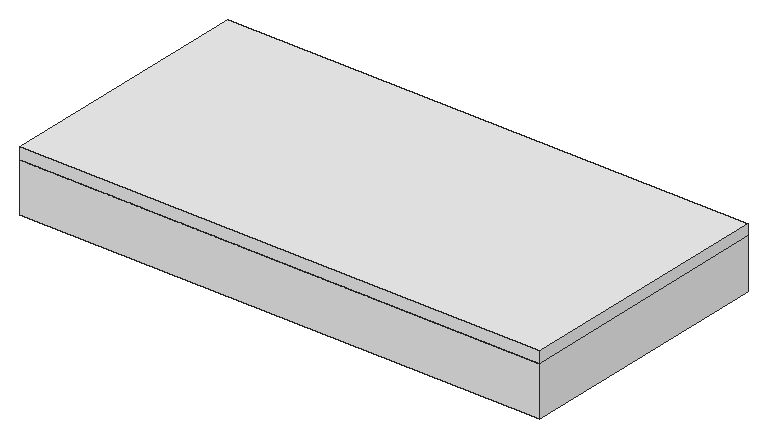
Revit family
Parameters (values of type "0600 x 1200mm (2 Lamps)")
  Wattage = 16.1571 W
  built-in parameter 1150110 = 1 (stored number, unit not read)
  built-in parameter 1114217 = 1 (stored number, unit not read)
  built-in parameter 1150109 = 1 (stored number, unit not read)
  built-in parameter 1150134 = 3
  built-in parameter 1150113 = 1 (stored number, unit not read)
  built-in parameter 1150105 = 190.99 (stored number, unit not read)
  built-in parameter 1150115 = 1 (stored number, unit not read)
  Light Source Symbol Size = 609.6 mm
  built-in parameter 1150137 = (empty or 0)
  built-in parameter 1150139 = (empty or 0)
  built-in parameter 1150112 = 1 (stored number, unit not read)
  built-in parameter 1150114 = 1 (stored number, unit not read)
  Keynote = "V"
  built-in parameter 1150132 = 2
  built-in parameter 1150102 = (empty or 0)
  built-in parameter 1150107 = 3200 (stored number, unit not read)
  built-in parameter 1150138 = (empty or 0)
  built-in parameter 1150106 = 1.9099 (stored number, unit not read)
  Emit from Line Length = 1149.2 mm
  built-in parameter 1150104 = 13.8 (stored number, unit not read)
  Dimming Lamp Color Temperature Shift = (empty or 0)
  Color Filter = 16777215
  Circle Diameter = Width * 0.6  # 360 mm
  Material Diffuser = Glass
  Lamp = "T-12"
  Length = 1200 mm
  Material Light Box = Metal - Chrome
  Lumens = 2400 lm
  Wattage Comments = "(2)20"
  Width = 600 mm
  built-in parameter 1114218 = 1 (stored number, unit not read)
  built-in parameter 1150133 = 10 (stored number, unit not read)
Types (6, lengths in mm): name | Wattage | built-in parameter 1150105 | built-in parameter 1150106 | Circle Diameter | Material Diffuser | Length | Lumens | Wattage Comments | Width
  (no name) | 16.1571 W | 190.99 (stored number, unit not read) | 1.9099 (stored number, unit not read) | 360 | Glass | 1200 | 2400 lm | "(2)20" | 600
  0300 x 1200mm (2 Lamp) | 16.1571 W | 190.99 (stored number, unit not read) | 1.9099 (stored number, unit not read) | 180 | none | 1200 | 2400 lm | "(2)20" | 300
  0600 x 0600mm (4 Lamp) | 16.1571 W | 190.99 (stored number, unit not read) | 1.9099 (stored number, unit not read) | 360 | none | 600 | 2400 lm | "(4)20" | 600
  0600 x 1200mm (2 Lamps) | 16.1571 W | 190.99 (stored number, unit not read) | 1.9099 (stored number, unit not read) | 360 | Glass | 1200 | 2400 lm | "(2)20" | 600
  0600 x 1200mm (4 Lamps) | 16.1571 W | 190.99 (stored number, unit not read) | 1.9099 (stored number, unit not read) | 360 | none | 1200 | 2400 lm | "(4)20" | 600
  0600 x 0600mm (2 Lamp) | 8.07853 W | 95.493 (stored number, unit not read) | 0.95493 (stored number, unit not read) | 360 | none | 600 | 1200 lm | "(4)20" | 600
Reference planes
  plane 1 "Light Source Axis": y = -59.466
  plane 2 "Ceiling": z = 2438.4
  plane 3 "Light Source Axis": x = -18.704
  plane 4 "Light Source Elevation": z = 2413
  plane 5: x = -618.704
  plane 6: x = 581.296
  plane 7: y = 240.534
  plane 8: y = -359.466
Forms (mm)
  Extrusion 1, solid, material "Metal - Chrome" <- "Material Light Box"
    sketch origin (0, 0, 2438.4) x (1, 0, 0) y (0, 1, 0)
      loop
        line (-618.704, 240.534) -> (-618.704, -359.466) -> (581.296, -359.466) -> (581.296, 240.534) -> (-618.704, 240.534)
      loop
        line (-593.304, 215.134) -> (-593.304, -334.066) -> (555.896, -334.066) -> (555.896, 215.134) -> (-593.304, 215.134)
    from 0 to 114.3
  Extrusion 2, solid, material "Metal - Chrome" <- "Material Light Box"
    sketch origin (0, 0, 2438.4) x (1, 0, 0) y (0, 1, 0)
      loop
        line (-618.704, 240.534) -> (-618.704, -359.466) -> (581.296, -359.466) -> (581.296, 240.534) -> (-618.704, 240.534)
    from 114.3 to 139.7
  Extrusion 3, solid, material "Glass" <- "Material Diffuser"
    sketch origin (0, 0, 2438.4) x (1, 0, 0) y (0, 1, 0)
      loop
        line (-593.304, 215.134) -> (-593.304, -334.066) -> (555.896, -334.066) -> (555.896, 215.134) -> (-593.304, 215.134)
    from 0 to 6.35
Lines and regions (mm)
  Opening 1
    outline origin (0, 0, 2438.4) x (1, 0, 0) y (0, 1, 0)
      loop
        line (-618.704, 240.534) -> (-618.704, -359.466) -> (581.296, -359.466) -> (581.296, 240.534) -> (-618.704, 240.534)
  sketch lines
    curve 1: line (-1542.704, 1464.534, 0) -> (1505.296, 1464.534, 0)
    curve 2: line (-1542.704, 1464.534, 0) -> (-1542.704, -1583.466, 0)
    curve 3: line (-1542.704, -1583.466, 0) -> (1505.296, -1583.466, 0)
    curve 4: line (1505.296, 1464.534, 0) -> (1505.296, -1583.466, 0)
  model lines
    curve 5: line (-618.704, 240.534, 2438.4) -> (581.296, 240.534, 2438.4)
    curve 6: line (-618.704, -359.466, 2438.4) -> (-618.704, 240.534, 2438.4)
    curve 7: line (581.296, -359.466, 2438.4) -> (-618.704, -359.466, 2438.4)
    curve 8: line (581.296, 240.534, 2438.4) -> (581.296, -359.466, 2438.4)
    curve 9: line (-593.304, 215.134, 2438.4) -> (555.896, 215.134, 2438.4)
    curve 10: line (-593.304, -334.066, 2438.4) -> (-593.304, 215.134, 2438.4)
    curve 11: line (555.896, -334.066, 2438.4) -> (-593.304, -334.066, 2438.4)
    curve 12: line (555.896, 215.134, 2438.4) -> (555.896, -334.066, 2438.4)
    curve 13: arc (161.296, -59.466, 2438.4) -> (-18.704, 120.534, 2438.4) -> (-198.704, -59.466, 2438.4) r 180
    curve 14: arc (-198.704, -59.466, 2438.4) -> (-18.704, -239.466, 2438.4) -> (161.296, -59.466, 2438.4) r 180
    curve 15: line (-593.304, 215.134, 2438.4) -> (-181.111, 18.148, 2438.4)
    curve 16: line (-181.111, -137.08, 2438.4) -> (-593.304, -334.066, 2438.4)
    curve 17: line (555.896, 215.134, 2438.4) -> (143.704, 18.148, 2438.4)
    curve 18: line (555.896, -334.066, 2438.4) -> (143.704, -137.08, 2438.4)
Dimensions and locks
  equal spacing: curve 2, plane 3 "Light Source Axis", curve 4
  equal spacing: curve 3, plane 1 "Light Source Axis", curve 1
  curve 2 to curve 4 = 3048 mm
  curve 3 to curve 1 = 3048 mm
  equal spacing: plane 5, plane 3 "Light Source Axis", plane 6
  equal spacing: plane 8, plane 1 "Light Source Axis", plane 7
  "Length": plane 5 to plane 6
  "Width": plane 8 to plane 7
  locked: Extrusion 1 sketch curve to Extrusion 1 sketch curve at 25.4
  "Circle Diameter": curve 14 to curve 14
  locked: curve 12 to plane 6 at 25.4
  locked: plane 5 to curve 10 at 25.4
  locked: curve 9 to plane 7 at 25.4
  locked: plane 8 to curve 11 at 25.4
  aligned and locked: plane 3 "Light Source Axis" to imposter light
  aligned and locked: plane 1 "Light Source Axis" to imposter light
  aligned and locked: plane 4 "Light Source Elevation" to imposter light
Automatic sketch dimensions
  Opening 1 sketch curve to plane 5 = 0 mm
  Opening 1 sketch curve to plane 6 = 0 mm
  Opening 1 sketch curve to plane 8 = 0 mm
  Opening 1 sketch curve to plane 7 = 0 mm
  Extrusion 1 sketch curve to plane 5 = 0 mm
  Extrusion 1 sketch curve to plane 6 = 0 mm
  Extrusion 1 sketch curve to plane 8 = 0 mm
  Extrusion 1 sketch curve to plane 7 = 0 mm
  Extrusion 1 sketch curve to plane 5 = 25.4 mm
  plane 6 to Extrusion 1 sketch curve = 25.4 mm
  Extrusion 1 sketch curve to plane 8 = 25.4 mm
  Extrusion 2 sketch curve to plane 5 = 0 mm
  Extrusion 2 sketch curve to plane 6 = 0 mm
  Extrusion 2 sketch curve to plane 8 = 0 mm
  Extrusion 2 sketch curve to plane 7 = 0 mm
  Extrusion 3 sketch curve to plane 5 = 25.4 mm
  plane 6 to Extrusion 3 sketch curve = 25.4 mm
  Extrusion 3 sketch curve to plane 8 = 25.4 mm
  plane 7 to Extrusion 3 sketch curve = 25.4 mm
  curve 7 to plane 5 = 0 mm
  curve 14 to plane 1 "Light Source Axis" = 0 mm
  curve 13 to plane 3 "Light Source Axis" = 0 mm
  curve 8 to plane 6 = 0 mm
  curve 7 to plane 8 = 0 mm
  curve 8 to plane 7 = 0 mm
  plane 1 "Light Source Axis" to curve 16 = 77.614 mm
  curve 15 to plane 1 "Light Source Axis" = 77.614 mm
  curve 17 to plane 1 "Light Source Axis" = 77.614 mm
  plane 1 "Light Source Axis" to curve 18 = 77.614 mm
